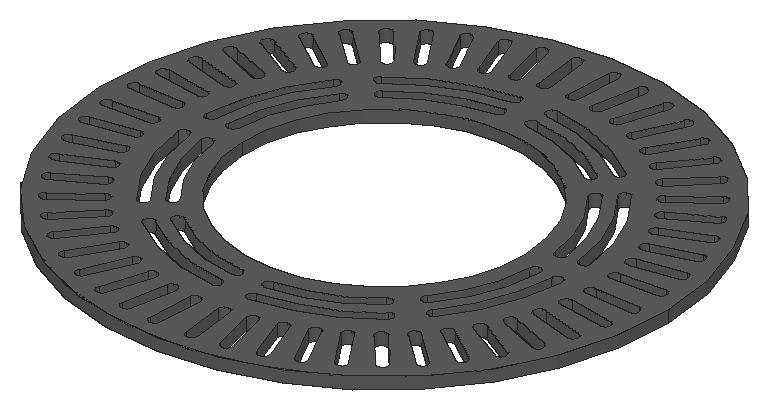
Revit family "Приствольная решётка (круглая) Р-15", category Антураж, Revit 2017
Family settings
  На основе рабочей плоскости = Нет
  Всегда вертикально = Да
  При загрузке вырезать с полостями = Нет
  Источник визуального образа = Геометрия семейства
  Общий = Нет
  Точка расчета площади = Нет
Parameters (values of type "Приствольная решётка (круглая) Р-15 Ø 1200")
  Стоимость = 15948
  Изготовитель = "ООО \"Хоббика\""
  Высота = 0 mm
  URL = "https://hobbyka.ru/product/pristvolnaya_reshetka_kruglaya_r15/?sphrase_id=70618#close_popup_window"
  ADSK_Размер_Диаметр = 1200 mm
  ADSK_Размер_Высота = 25 mm
  ADSK_Наименование = "Приствольная решётка (круглая) Р-15"
  ADSK_Материал решетки = Чугун, серый
  ADSK_Код изделия = "10280"
  1200 = yes
  1000 = no
Types (3, lengths in mm): name | Стоимость | ADSK_Размер_Диаметр | 1200 | 1000
  (no name) | 15948 | 1200 | yes | no
  Приствольная решётка (круглая) Р-15 Ø 1000 | 15833 | 1000 | no | yes
  Приствольная решётка (круглая) Р-15 Ø 1200 | 15948 | 1200 | yes | no
Reference planes
  plane 1 "По центру (Вперед/Назад)": y = 0
  plane 2: z = 0
  plane 3 "По центру (Влево/Вправо)": x = 0
Forms (mm)
  Extrusion 1, solid, material "Чугун, серый" <- "ADSK_Материал решетки", visible <- "1000"
    sketch origin (0, 0, 0) x (1, 0, 0) y (0, 1, 0)
      loop
        circle (0, 0) r 500
      loop
        circle (0, 0) r 250
      loop
        line (22.994, 464.177) -> (15.601, 384.484)
        arc (15.601, 384.484) -> (24.626, 373.613) -> (35.496, 382.638) r 9.99
        line (35.496, 382.638) -> (42.889, 462.331)
        arc (42.889, 462.331) -> (33.864, 473.201) -> (22.994, 464.177) r 9.99
      loop
        line (78.192, 458.121) -> (61.347, 379.879)
        arc (61.347, 379.879) -> (69.011, 368.009) -> (80.88, 375.673) r 9.99
        line (80.88, 375.673) -> (97.725, 453.915)
        arc (97.725, 453.915) -> (90.061, 465.785) -> (78.192, 458.121) r 9.99
      loop
        line (132.274, 445.525) -> (106.217, 369.85)
        arc (106.217, 369.85) -> (112.411, 357.151) -> (125.11, 363.345) r 9.99
        line (125.11, 363.345) -> (151.166, 439.019)
        arc (151.166, 439.019) -> (144.973, 451.718) -> (132.274, 445.525) r 9.99
      loop
        line (184.468, 426.568) -> (149.571, 354.541)
        arc (149.571, 354.541) -> (154.206, 341.195) -> (167.553, 345.829) r 9.99
        line (167.553, 345.829) -> (202.449, 417.856)
        arc (202.449, 417.856) -> (197.815, 431.203) -> (184.468, 426.568) r 9.99
      loop
        line (234.028, 401.521) -> (190.79, 334.171)
        arc (190.79, 334.171) -> (193.8, 320.367) -> (207.604, 323.377) r 9.99
        line (207.604, 323.377) -> (250.842, 390.727)
        arc (250.842, 390.727) -> (247.832, 404.531) -> (234.028, 401.521) r 9.99
      loop
        line (280.247, 370.743) -> (229.285, 309.03)
        arc (229.285, 309.03) -> (230.627, 294.965) -> (244.692, 296.307) r 9.99
        line (244.692, 296.307) -> (295.654, 358.02)
        arc (295.654, 358.02) -> (294.312, 372.085) -> (280.247, 370.743) r 9.99
      loop
        line (322.465, 334.671) -> (264.153, 279.141)
        arc (264.153, 279.141) -> (264.323, 265.178) -> (278.286, 265.008) r 9.996
        line (278.286, 265.008) -> (336.598, 320.538)
        arc (336.598, 320.538) -> (336.428, 334.5) -> (322.465, 334.671) r 9.996
      loop
        line (360.08, 293.821) -> (295.952, 245.935)
        arc (295.952, 245.935) -> (293.924, 231.952) -> (307.907, 229.925) r 9.99
        line (307.907, 229.925) -> (372.035, 277.812)
        arc (372.035, 277.812) -> (374.062, 291.794) -> (360.08, 293.821) r 9.99
      loop
        line (392.554, 248.777) -> (323.172, 208.881)
        arc (323.172, 208.881) -> (319.491, 195.24) -> (333.132, 191.559) r 9.99
        line (333.132, 191.559) -> (402.514, 231.456)
        arc (402.514, 231.456) -> (406.195, 245.097) -> (392.554, 248.777) r 9.99
      loop
        line (419.423, 200.181) -> (345.778, 168.845)
        arc (345.778, 168.845) -> (340.497, 155.74) -> (353.601, 150.459) r 9.99
        line (353.601, 150.459) -> (427.247, 181.796)
        arc (427.247, 181.796) -> (432.528, 194.9) -> (419.423, 200.181) r 9.99
      loop
        line (440.305, 148.728) -> (363.448, 126.399)
        arc (363.448, 126.399) -> (356.642, 114.018) -> (369.023, 107.211) r 9.99
        line (369.023, 107.211) -> (445.88, 129.54)
        arc (445.88, 129.54) -> (452.686, 141.921) -> (440.305, 148.728) r 9.99
      loop
        line (454.901, 95.151) -> (375.929, 82.148)
        arc (375.929, 82.148) -> (367.695, 70.667) -> (379.176, 62.432) r 9.99
        line (379.176, 62.432) -> (458.147, 75.435)
        arc (458.147, 75.435) -> (466.382, 86.916) -> (454.901, 95.151) r 9.99
      loop
        line (463.002, 40.215) -> (384.437, 36.785)
        arc (384.437, 36.785) -> (374.437, 26.785) -> (384.437, 16.785) r 10
        line (384.437, 16.785) -> (463.002, 20.215)
        arc (463.002, 20.215) -> (473.002, 30.215) -> (463.002, 40.215) r 10
      loop
        arc (33.256, 338.147) -> (22.325, 329.174) -> (31.298, 318.243) r 10
        arc (31.298, 318.243) -> (122.804, 295.258) -> (203.619, 246.571) r 319.778
        arc (203.619, 246.571) -> (217.698, 247.915) -> (216.354, 261.993) r 10
        arc (216.354, 261.993) -> (130.484, 313.725) -> (33.256, 338.147) r 339.778
      loop
        arc (262.621, 215.591) -> (248.547, 216.975) -> (247.163, 202.901) r 10
        arc (247.163, 202.901) -> (295.701, 121.735) -> (318.376, 29.921) r 319.778
        arc (318.376, 29.921) -> (329.267, 20.901) -> (338.288, 31.793) r 10
        arc (338.288, 31.793) -> (314.195, 129.348) -> (262.621, 215.591) r 339.778
      loop
        arc (298.339, 29.347) -> (276.962, 114.713) -> (231.719, 190.194) r 299.778
        arc (231.719, 190.194) -> (217.644, 191.579) -> (216.259, 177.505) r 10
        arc (216.259, 177.505) -> (258.484, 107.06) -> (278.435, 27.389) r 279.778
        arc (278.435, 27.389) -> (289.366, 18.416) -> (298.339, 29.347) r 10
      loop
        arc (190.2, 231.713) -> (114.723, 276.958) -> (29.36, 298.337) r 299.778
        arc (29.36, 298.337) -> (18.429, 289.365) -> (27.401, 278.433) r 10
        arc (27.401, 278.433) -> (107.069, 258.48) -> (177.511, 216.254) r 279.778
        arc (177.511, 216.254) -> (191.585, 217.639) -> (190.2, 231.713) r 10
      loop
        arc (-22.994, 464.177) -> (-33.864, 473.201) -> (-42.889, 462.331) r 9.99
        line (-42.889, 462.331) -> (-35.496, 382.638)
        arc (-35.496, 382.638) -> (-24.626, 373.613) -> (-15.601, 384.484) r 9.99
        line (-15.601, 384.484) -> (-22.994, 464.177)
      loop
        arc (-78.192, 458.121) -> (-90.061, 465.785) -> (-97.725, 453.915) r 9.99
        line (-97.725, 453.915) -> (-80.88, 375.673)
        arc (-80.88, 375.673) -> (-69.011, 368.009) -> (-61.347, 379.879) r 9.99
        line (-61.347, 379.879) -> (-78.192, 458.121)
      loop
        arc (-132.274, 445.525) -> (-144.973, 451.718) -> (-151.166, 439.019) r 9.99
        line (-151.166, 439.019) -> (-125.11, 363.345)
        arc (-125.11, 363.345) -> (-112.411, 357.151) -> (-106.217, 369.85) r 9.99
        line (-106.217, 369.85) -> (-132.274, 445.525)
      loop
        arc (-184.468, 426.568) -> (-197.815, 431.203) -> (-202.449, 417.856) r 9.99
        line (-202.449, 417.856) -> (-167.553, 345.829)
        arc (-167.553, 345.829) -> (-154.206, 341.195) -> (-149.571, 354.541) r 9.99
        line (-149.571, 354.541) -> (-184.468, 426.568)
      loop
        arc (-234.028, 401.521) -> (-247.832, 404.531) -> (-250.842, 390.727) r 9.99
        line (-250.842, 390.727) -> (-207.604, 323.377)
        arc (-207.604, 323.377) -> (-193.8, 320.367) -> (-190.79, 334.171) r 9.99
        line (-190.79, 334.171) -> (-234.028, 401.521)
      loop
        arc (-280.247, 370.743) -> (-294.312, 372.085) -> (-295.654, 358.02) r 9.99
        line (-295.654, 358.02) -> (-244.692, 296.307)
        arc (-244.692, 296.307) -> (-230.627, 294.965) -> (-229.285, 309.03) r 9.99
        line (-229.285, 309.03) -> (-280.247, 370.743)
      loop
        arc (-322.465, 334.671) -> (-336.428, 334.5) -> (-336.598, 320.538) r 9.996
        line (-336.598, 320.538) -> (-278.286, 265.008)
        arc (-278.286, 265.008) -> (-264.323, 265.178) -> (-264.153, 279.141) r 9.996
        line (-264.153, 279.141) -> (-322.465, 334.671)
      loop
        arc (-360.08, 293.821) -> (-374.062, 291.794) -> (-372.035, 277.812) r 9.99
        line (-372.035, 277.812) -> (-307.907, 229.925)
        arc (-307.907, 229.925) -> (-293.924, 231.952) -> (-295.952, 245.935) r 9.99
        line (-295.952, 245.935) -> (-360.08, 293.821)
      loop
        arc (-392.554, 248.777) -> (-406.195, 245.097) -> (-402.514, 231.456) r 9.99
        line (-402.514, 231.456) -> (-333.132, 191.559)
        arc (-333.132, 191.559) -> (-319.491, 195.24) -> (-323.172, 208.881) r 9.99
        line (-323.172, 208.881) -> (-392.554, 248.777)
      loop
        arc (-419.423, 200.181) -> (-432.528, 194.9) -> (-427.247, 181.796) r 9.99
        line (-427.247, 181.796) -> (-353.601, 150.459)
        arc (-353.601, 150.459) -> (-340.497, 155.74) -> (-345.778, 168.845) r 9.99
        line (-345.778, 168.845) -> (-419.423, 200.181)
      loop
        arc (-440.305, 148.728) -> (-452.686, 141.921) -> (-445.88, 129.54) r 9.99
        line (-445.88, 129.54) -> (-369.023, 107.211)
        arc (-369.023, 107.211) -> (-356.642, 114.018) -> (-363.448, 126.399) r 9.99
        line (-363.448, 126.399) -> (-440.305, 148.728)
      loop
        arc (-454.901, 95.151) -> (-466.382, 86.916) -> (-458.147, 75.435) r 9.99
        line (-458.147, 75.435) -> (-379.176, 62.432)
        arc (-379.176, 62.432) -> (-367.695, 70.667) -> (-375.929, 82.148) r 9.99
        line (-375.929, 82.148) -> (-454.901, 95.151)
      loop
        arc (-463.002, 40.215) -> (-473.002, 30.215) -> (-463.002, 20.215) r 10
        line (-463.002, 20.215) -> (-384.437, 16.785)
        arc (-384.437, 16.785) -> (-374.437, 26.785) -> (-384.437, 36.785) r 10
        line (-384.437, 36.785) -> (-463.002, 40.215)
      loop
        arc (-33.256, 338.147) -> (-130.484, 313.725) -> (-216.354, 261.993) r 339.778
        arc (-216.354, 261.993) -> (-217.698, 247.915) -> (-203.619, 246.571) r 10
        arc (-203.619, 246.571) -> (-122.804, 295.258) -> (-31.298, 318.243) r 319.778
        arc (-31.298, 318.243) -> (-22.325, 329.174) -> (-33.256, 338.147) r 10
      loop
        arc (-262.621, 215.591) -> (-314.195, 129.348) -> (-338.288, 31.793) r 339.778
        arc (-338.288, 31.793) -> (-329.267, 20.901) -> (-318.376, 29.921) r 10
        arc (-318.376, 29.921) -> (-295.701, 121.735) -> (-247.163, 202.901) r 319.778
        arc (-247.163, 202.901) -> (-248.547, 216.975) -> (-262.621, 215.591) r 10
      loop
        arc (-298.339, 29.347) -> (-289.366, 18.416) -> (-278.435, 27.389) r 10
        arc (-278.435, 27.389) -> (-258.484, 107.06) -> (-216.259, 177.505) r 279.778
        arc (-216.259, 177.505) -> (-217.644, 191.579) -> (-231.719, 190.194) r 10
        arc (-231.719, 190.194) -> (-276.962, 114.713) -> (-298.339, 29.347) r 299.778
      loop
        arc (-190.2, 231.713) -> (-191.585, 217.639) -> (-177.511, 216.254) r 10
        arc (-177.511, 216.254) -> (-107.069, 258.48) -> (-27.401, 278.433) r 279.778
        arc (-27.401, 278.433) -> (-18.429, 289.365) -> (-29.36, 298.337) r 10
        arc (-29.36, 298.337) -> (-114.723, 276.958) -> (-190.2, 231.713) r 299.778
      loop
        arc (22.994, -464.177) -> (33.864, -473.201) -> (42.889, -462.331) r 9.99
        line (42.889, -462.331) -> (35.496, -382.638)
        arc (35.496, -382.638) -> (24.626, -373.613) -> (15.601, -384.484) r 9.99
        line (15.601, -384.484) -> (22.994, -464.177)
      loop
        arc (78.192, -458.121) -> (90.061, -465.785) -> (97.725, -453.915) r 9.99
        line (97.725, -453.915) -> (80.88, -375.673)
        arc (80.88, -375.673) -> (69.011, -368.009) -> (61.347, -379.879) r 9.99
        line (61.347, -379.879) -> (78.192, -458.121)
      loop
        arc (132.274, -445.525) -> (144.973, -451.718) -> (151.166, -439.019) r 9.99
        line (151.166, -439.019) -> (125.11, -363.345)
        arc (125.11, -363.345) -> (112.411, -357.151) -> (106.217, -369.85) r 9.99
        line (106.217, -369.85) -> (132.274, -445.525)
      loop
        arc (184.468, -426.568) -> (197.815, -431.203) -> (202.449, -417.856) r 9.99
        line (202.449, -417.856) -> (167.553, -345.829)
        arc (167.553, -345.829) -> (154.206, -341.195) -> (149.571, -354.541) r 9.99
        line (149.571, -354.541) -> (184.468, -426.568)
      loop
        arc (234.028, -401.521) -> (247.832, -404.531) -> (250.842, -390.727) r 9.99
        line (250.842, -390.727) -> (207.604, -323.377)
        arc (207.604, -323.377) -> (193.8, -320.367) -> (190.79, -334.171) r 9.99
        line (190.79, -334.171) -> (234.028, -401.521)
      loop
        arc (280.247, -370.743) -> (294.312, -372.085) -> (295.654, -358.02) r 9.99
        line (295.654, -358.02) -> (244.692, -296.307)
        arc (244.692, -296.307) -> (230.627, -294.965) -> (229.285, -309.03) r 9.99
        line (229.285, -309.03) -> (280.247, -370.743)
      loop
        arc (322.465, -334.671) -> (336.428, -334.5) -> (336.598, -320.538) r 9.996
        line (336.598, -320.538) -> (278.286, -265.008)
        arc (278.286, -265.008) -> (264.323, -265.178) -> (264.153, -279.141) r 9.996
        line (264.153, -279.141) -> (322.465, -334.671)
      loop
        arc (360.08, -293.821) -> (374.062, -291.794) -> (372.035, -277.812) r 9.99
        line (372.035, -277.812) -> (307.907, -229.925)
        arc (307.907, -229.925) -> (293.924, -231.952) -> (295.952, -245.935) r 9.99
        line (295.952, -245.935) -> (360.08, -293.821)
      loop
        arc (392.554, -248.777) -> (406.195, -245.097) -> (402.514, -231.456) r 9.99
        line (402.514, -231.456) -> (333.132, -191.559)
        arc (333.132, -191.559) -> (319.491, -195.24) -> (323.172, -208.881) r 9.99
        line (323.172, -208.881) -> (392.554, -248.777)
      loop
        arc (419.423, -200.181) -> (432.528, -194.9) -> (427.247, -181.796) r 9.99
        line (427.247, -181.796) -> (353.601, -150.459)
        arc (353.601, -150.459) -> (340.497, -155.74) -> (345.778, -168.845) r 9.99
        line (345.778, -168.845) -> (419.423, -200.181)
      loop
        arc (440.305, -148.728) -> (452.686, -141.921) -> (445.88, -129.54) r 9.99
        line (445.88, -129.54) -> (369.023, -107.211)
        arc (369.023, -107.211) -> (356.642, -114.018) -> (363.448, -126.399) r 9.99
        line (363.448, -126.399) -> (440.305, -148.728)
      loop
        arc (454.901, -95.151) -> (466.382, -86.916) -> (458.147, -75.435) r 9.99
        line (458.147, -75.435) -> (379.176, -62.432)
        arc (379.176, -62.432) -> (367.695, -70.667) -> (375.929, -82.148) r 9.99
        line (375.929, -82.148) -> (454.901, -95.151)
      loop
        arc (463.002, -40.215) -> (473.002, -30.215) -> (463.002, -20.215) r 10
        line (463.002, -20.215) -> (384.437, -16.785)
        arc (384.437, -16.785) -> (374.437, -26.785) -> (384.437, -36.785) r 10
        line (384.437, -36.785) -> (463.002, -40.215)
      loop
        arc (33.256, -338.147) -> (130.484, -313.725) -> (216.354, -261.993) r 339.778
        arc (216.354, -261.993) -> (217.698, -247.915) -> (203.619, -246.571) r 10
        arc (203.619, -246.571) -> (122.804, -295.258) -> (31.298, -318.243) r 319.778
        arc (31.298, -318.243) -> (22.325, -329.174) -> (33.256, -338.147) r 10
      loop
        arc (262.621, -215.591) -> (314.195, -129.348) -> (338.288, -31.793) r 339.778
        arc (338.288, -31.793) -> (329.267, -20.901) -> (318.376, -29.921) r 10
        arc (318.376, -29.921) -> (295.701, -121.735) -> (247.163, -202.901) r 319.778
        arc (247.163, -202.901) -> (248.547, -216.975) -> (262.621, -215.591) r 10
      loop
        arc (298.339, -29.347) -> (289.366, -18.416) -> (278.435, -27.389) r 10
        arc (278.435, -27.389) -> (258.484, -107.06) -> (216.259, -177.505) r 279.778
        arc (216.259, -177.505) -> (217.644, -191.579) -> (231.719, -190.194) r 10
        arc (231.719, -190.194) -> (276.962, -114.713) -> (298.339, -29.347) r 299.778
      loop
        arc (190.2, -231.713) -> (191.585, -217.639) -> (177.511, -216.254) r 10
        arc (177.511, -216.254) -> (107.069, -258.48) -> (27.401, -278.433) r 279.778
        arc (27.401, -278.433) -> (18.429, -289.365) -> (29.36, -298.337) r 10
        arc (29.36, -298.337) -> (114.723, -276.958) -> (190.2, -231.713) r 299.778
      loop
        line (-22.994, -464.177) -> (-15.601, -384.484)
        arc (-15.601, -384.484) -> (-24.626, -373.613) -> (-35.496, -382.638) r 9.99
        line (-35.496, -382.638) -> (-42.889, -462.331)
        arc (-42.889, -462.331) -> (-33.864, -473.201) -> (-22.994, -464.177) r 9.99
      loop
        line (-78.192, -458.121) -> (-61.347, -379.879)
        arc (-61.347, -379.879) -> (-69.011, -368.009) -> (-80.88, -375.673) r 9.99
        line (-80.88, -375.673) -> (-97.725, -453.915)
        arc (-97.725, -453.915) -> (-90.061, -465.785) -> (-78.192, -458.121) r 9.99
      loop
        line (-132.274, -445.525) -> (-106.217, -369.85)
        arc (-106.217, -369.85) -> (-112.411, -357.151) -> (-125.11, -363.345) r 9.99
        line (-125.11, -363.345) -> (-151.166, -439.019)
        arc (-151.166, -439.019) -> (-144.973, -451.718) -> (-132.274, -445.525) r 9.99
      loop
        line (-184.468, -426.568) -> (-149.571, -354.541)
        arc (-149.571, -354.541) -> (-154.206, -341.195) -> (-167.553, -345.829) r 9.99
        line (-167.553, -345.829) -> (-202.449, -417.856)
        arc (-202.449, -417.856) -> (-197.815, -431.203) -> (-184.468, -426.568) r 9.99
      loop
        line (-234.028, -401.521) -> (-190.79, -334.171)
        arc (-190.79, -334.171) -> (-193.8, -320.367) -> (-207.604, -323.377) r 9.99
        line (-207.604, -323.377) -> (-250.842, -390.727)
        arc (-250.842, -390.727) -> (-247.832, -404.531) -> (-234.028, -401.521) r 9.99
      loop
        line (-280.247, -370.743) -> (-229.285, -309.03)
        arc (-229.285, -309.03) -> (-230.627, -294.965) -> (-244.692, -296.307) r 9.99
        line (-244.692, -296.307) -> (-295.654, -358.02)
        arc (-295.654, -358.02) -> (-294.312, -372.085) -> (-280.247, -370.743) r 9.99
      loop
        line (-322.465, -334.671) -> (-264.153, -279.141)
        arc (-264.153, -279.141) -> (-264.323, -265.178) -> (-278.286, -265.008) r 9.996
        line (-278.286, -265.008) -> (-336.598, -320.538)
        arc (-336.598, -320.538) -> (-336.428, -334.5) -> (-322.465, -334.671) r 9.996
      loop
        line (-360.08, -293.821) -> (-295.952, -245.935)
        arc (-295.952, -245.935) -> (-293.924, -231.952) -> (-307.907, -229.925) r 9.99
        line (-307.907, -229.925) -> (-372.035, -277.812)
        arc (-372.035, -277.812) -> (-374.062, -291.794) -> (-360.08, -293.821) r 9.99
      loop
        line (-392.554, -248.777) -> (-323.172, -208.881)
        arc (-323.172, -208.881) -> (-319.491, -195.24) -> (-333.132, -191.559) r 9.99
        line (-333.132, -191.559) -> (-402.514, -231.456)
        arc (-402.514, -231.456) -> (-406.195, -245.097) -> (-392.554, -248.777) r 9.99
      loop
        line (-419.423, -200.181) -> (-345.778, -168.845)
        arc (-345.778, -168.845) -> (-340.497, -155.74) -> (-353.601, -150.459) r 9.99
        line (-353.601, -150.459) -> (-427.247, -181.796)
        arc (-427.247, -181.796) -> (-432.528, -194.9) -> (-419.423, -200.181) r 9.99
      loop
        line (-440.305, -148.728) -> (-363.448, -126.399)
        arc (-363.448, -126.399) -> (-356.642, -114.018) -> (-369.023, -107.211) r 9.99
        line (-369.023, -107.211) -> (-445.88, -129.54)
        arc (-445.88, -129.54) -> (-452.686, -141.921) -> (-440.305, -148.728) r 9.99
      loop
        line (-454.901, -95.151) -> (-375.929, -82.148)
        arc (-375.929, -82.148) -> (-367.695, -70.667) -> (-379.176, -62.432) r 9.99
        line (-379.176, -62.432) -> (-458.147, -75.435)
        arc (-458.147, -75.435) -> (-466.382, -86.916) -> (-454.901, -95.151) r 9.99
      loop
        line (-463.002, -40.215) -> (-384.437, -36.785)
        arc (-384.437, -36.785) -> (-374.437, -26.785) -> (-384.437, -16.785) r 10
        line (-384.437, -16.785) -> (-463.002, -20.215)
        arc (-463.002, -20.215) -> (-473.002, -30.215) -> (-463.002, -40.215) r 10
      loop
        arc (-33.256, -338.147) -> (-22.325, -329.174) -> (-31.298, -318.243) r 10
        arc (-31.298, -318.243) -> (-122.804, -295.258) -> (-203.619, -246.571) r 319.778
        arc (-203.619, -246.571) -> (-217.698, -247.915) -> (-216.354, -261.993) r 10
        arc (-216.354, -261.993) -> (-130.484, -313.725) -> (-33.256, -338.147) r 339.778
      loop
        arc (-262.621, -215.591) -> (-248.547, -216.975) -> (-247.163, -202.901) r 10
        arc (-247.163, -202.901) -> (-295.701, -121.735) -> (-318.376, -29.921) r 319.778
        arc (-318.376, -29.921) -> (-329.267, -20.901) -> (-338.288, -31.793) r 10
        arc (-338.288, -31.793) -> (-314.195, -129.348) -> (-262.621, -215.591) r 339.778
      loop
        arc (-298.339, -29.347) -> (-276.962, -114.713) -> (-231.719, -190.194) r 299.778
        arc (-231.719, -190.194) -> (-217.644, -191.579) -> (-216.259, -177.505) r 10
        arc (-216.259, -177.505) -> (-258.484, -107.06) -> (-278.435, -27.389) r 279.778
        arc (-278.435, -27.389) -> (-289.366, -18.416) -> (-298.339, -29.347) r 10
      loop
        arc (-190.2, -231.713) -> (-114.723, -276.958) -> (-29.36, -298.337) r 299.778
        arc (-29.36, -298.337) -> (-18.429, -289.365) -> (-27.401, -278.433) r 10
        arc (-27.401, -278.433) -> (-107.069, -258.48) -> (-177.511, -216.254) r 279.778
        arc (-177.511, -216.254) -> (-191.585, -217.639) -> (-190.2, -231.713) r 10
    from 0 to 25
  Extrusion 2, solid, material "Чугун, серый" <- "ADSK_Материал решетки", visible <- "1200"
    sketch origin (0, 0, 0) x (1, 0, 0) y (0, 1, 0)
      loop
        circle (0, 0) r 600
      loop
        circle (0, 0) r 300
      loop
        line (27.592, 557.012) -> (18.721, 461.381)
        arc (18.721, 461.381) -> (29.551, 448.336) -> (42.596, 459.166) r 11.989
        line (42.596, 459.166) -> (51.467, 554.797)
        arc (51.467, 554.797) -> (40.637, 567.842) -> (27.592, 557.012) r 11.989
      loop
        line (93.83, 549.745) -> (73.616, 455.854)
        arc (73.616, 455.854) -> (82.813, 441.611) -> (97.056, 450.808) r 11.989
        line (97.056, 450.808) -> (117.27, 544.698)
        arc (117.27, 544.698) -> (108.074, 558.942) -> (93.83, 549.745) r 11.989
      loop
        line (158.729, 534.629) -> (127.461, 443.82)
        arc (127.461, 443.82) -> (134.893, 428.582) -> (150.132, 436.014) r 11.989
        line (150.132, 436.014) -> (181.4, 526.823)
        arc (181.4, 526.823) -> (173.967, 542.062) -> (158.729, 534.629) r 11.989
      loop
        line (221.361, 511.881) -> (179.486, 425.45)
        arc (179.486, 425.45) -> (185.047, 409.434) -> (201.064, 414.995) r 11.989
        line (201.064, 414.995) -> (242.939, 501.427)
        arc (242.939, 501.427) -> (237.378, 517.443) -> (221.361, 511.881) r 11.989
      loop
        line (280.834, 481.826) -> (228.948, 401.005)
        arc (228.948, 401.005) -> (232.56, 384.44) -> (249.125, 388.052) r 11.989
        line (249.125, 388.052) -> (301.011, 468.872)
        arc (301.011, 468.872) -> (297.399, 485.437) -> (280.834, 481.826) r 11.989
      loop
        line (336.297, 444.891) -> (275.142, 370.836)
        arc (275.142, 370.836) -> (276.752, 353.959) -> (293.63, 355.569) r 11.989
        line (293.63, 355.569) -> (354.785, 429.624)
        arc (354.785, 429.624) -> (353.174, 446.501) -> (336.297, 444.891) r 11.989
      loop
        line (386.958, 401.605) -> (316.983, 334.969)
        arc (316.983, 334.969) -> (317.188, 318.214) -> (333.943, 318.009) r 11.996
        line (333.943, 318.009) -> (403.918, 384.646)
        arc (403.918, 384.646) -> (403.713, 401.4) -> (386.958, 401.605) r 11.996
      loop
        line (432.096, 352.586) -> (355.142, 295.122)
        arc (355.142, 295.122) -> (352.709, 278.343) -> (369.488, 275.91) r 11.989
        line (369.488, 275.91) -> (446.442, 333.374)
        arc (446.442, 333.374) -> (448.875, 350.153) -> (432.096, 352.586) r 11.989
      loop
        line (471.064, 298.533) -> (387.806, 250.657)
        arc (387.806, 250.657) -> (383.389, 234.288) -> (399.758, 229.871) r 11.989
        line (399.758, 229.871) -> (483.017, 277.747)
        arc (483.017, 277.747) -> (487.433, 294.116) -> (471.064, 298.533) r 11.989
      loop
        line (503.308, 240.218) -> (414.934, 202.614)
        arc (414.934, 202.614) -> (408.596, 186.889) -> (424.322, 180.551) r 11.989
        line (424.322, 180.551) -> (512.696, 218.155)
        arc (512.696, 218.155) -> (519.033, 233.88) -> (503.308, 240.218) r 11.989
      loop
        line (528.366, 178.473) -> (436.138, 151.678)
        arc (436.138, 151.678) -> (427.97, 136.821) -> (442.827, 128.653) r 11.989
        line (442.827, 128.653) -> (535.056, 155.448)
        arc (535.056, 155.448) -> (543.223, 170.305) -> (528.366, 178.473) r 11.989
      loop
        line (545.881, 114.181) -> (451.115, 98.577)
        arc (451.115, 98.577) -> (441.234, 84.8) -> (455.011, 74.919) r 11.989
        line (455.011, 74.919) -> (549.777, 90.522)
        arc (549.777, 90.522) -> (559.658, 104.299) -> (545.881, 114.181) r 11.989
      loop
        line (555.603, 48.258) -> (461.325, 44.142)
        arc (461.325, 44.142) -> (449.325, 32.142) -> (461.325, 20.142) r 12
        line (461.325, 20.142) -> (555.603, 24.258)
        arc (555.603, 24.258) -> (567.603, 36.258) -> (555.603, 48.258) r 12
      loop
        arc (39.907, 405.777) -> (26.79, 395.009) -> (37.558, 381.892) r 12
        arc (37.558, 381.892) -> (147.365, 354.31) -> (244.343, 295.886) r 383.734
        arc (244.343, 295.886) -> (261.237, 297.497) -> (259.625, 314.391) r 12
        arc (259.625, 314.391) -> (156.581, 376.47) -> (39.907, 405.777) r 407.734
      loop
        arc (315.146, 258.709) -> (298.257, 260.37) -> (296.596, 243.481) r 12
        arc (296.596, 243.481) -> (354.841, 146.082) -> (382.051, 35.906) r 383.734
        arc (382.051, 35.906) -> (395.121, 25.081) -> (405.945, 38.151) r 12
        arc (405.945, 38.151) -> (377.034, 155.218) -> (315.146, 258.709) r 407.734
      loop
        arc (358.006, 35.217) -> (332.355, 137.656) -> (278.062, 228.232) r 359.734
        arc (278.062, 228.232) -> (261.173, 229.895) -> (259.511, 213.006) r 12
        arc (259.511, 213.006) -> (310.181, 128.472) -> (334.122, 32.867) r 335.734
        arc (334.122, 32.867) -> (347.239, 22.099) -> (358.006, 35.217) r 12
      loop
        arc (228.24, 278.056) -> (137.668, 332.35) -> (35.232, 358.005) r 359.734
        arc (35.232, 358.005) -> (22.115, 347.238) -> (32.882, 334.12) r 12
        arc (32.882, 334.12) -> (128.483, 310.177) -> (213.013, 259.505) r 335.734
        arc (213.013, 259.505) -> (229.902, 261.167) -> (228.24, 278.056) r 12
      loop
        arc (-27.592, 557.012) -> (-40.637, 567.842) -> (-51.467, 554.797) r 11.989
        line (-51.467, 554.797) -> (-42.596, 459.166)
        arc (-42.596, 459.166) -> (-29.551, 448.336) -> (-18.721, 461.381) r 11.989
        line (-18.721, 461.381) -> (-27.592, 557.012)
      loop
        arc (-93.83, 549.745) -> (-108.074, 558.942) -> (-117.27, 544.698) r 11.989
        line (-117.27, 544.698) -> (-97.056, 450.808)
        arc (-97.056, 450.808) -> (-82.813, 441.611) -> (-73.616, 455.854) r 11.989
        line (-73.616, 455.854) -> (-93.83, 549.745)
      loop
        arc (-158.729, 534.629) -> (-173.967, 542.062) -> (-181.4, 526.823) r 11.989
        line (-181.4, 526.823) -> (-150.132, 436.014)
        arc (-150.132, 436.014) -> (-134.893, 428.582) -> (-127.461, 443.82) r 11.989
        line (-127.461, 443.82) -> (-158.729, 534.629)
      loop
        arc (-221.361, 511.881) -> (-237.378, 517.443) -> (-242.939, 501.427) r 11.989
        line (-242.939, 501.427) -> (-201.064, 414.995)
        arc (-201.064, 414.995) -> (-185.047, 409.434) -> (-179.486, 425.45) r 11.989
        line (-179.486, 425.45) -> (-221.361, 511.881)
      loop
        arc (-280.834, 481.826) -> (-297.399, 485.437) -> (-301.011, 468.872) r 11.989
        line (-301.011, 468.872) -> (-249.125, 388.052)
        arc (-249.125, 388.052) -> (-232.56, 384.44) -> (-228.948, 401.005) r 11.989
        line (-228.948, 401.005) -> (-280.834, 481.826)
      loop
        arc (-336.297, 444.891) -> (-353.174, 446.501) -> (-354.785, 429.624) r 11.989
        line (-354.785, 429.624) -> (-293.63, 355.569)
        arc (-293.63, 355.569) -> (-276.752, 353.959) -> (-275.142, 370.836) r 11.989
        line (-275.142, 370.836) -> (-336.297, 444.891)
      loop
        arc (-386.958, 401.605) -> (-403.713, 401.4) -> (-403.918, 384.646) r 11.996
        line (-403.918, 384.646) -> (-333.943, 318.009)
        arc (-333.943, 318.009) -> (-317.188, 318.214) -> (-316.983, 334.969) r 11.996
        line (-316.983, 334.969) -> (-386.958, 401.605)
      loop
        arc (-432.096, 352.586) -> (-448.875, 350.153) -> (-446.442, 333.374) r 11.989
        line (-446.442, 333.374) -> (-369.488, 275.91)
        arc (-369.488, 275.91) -> (-352.709, 278.343) -> (-355.142, 295.122) r 11.989
        line (-355.142, 295.122) -> (-432.096, 352.586)
      loop
        arc (-471.064, 298.533) -> (-487.433, 294.116) -> (-483.017, 277.747) r 11.989
        line (-483.017, 277.747) -> (-399.758, 229.871)
        arc (-399.758, 229.871) -> (-383.389, 234.288) -> (-387.806, 250.657) r 11.989
        line (-387.806, 250.657) -> (-471.064, 298.533)
      loop
        arc (-503.308, 240.218) -> (-519.033, 233.88) -> (-512.696, 218.155) r 11.989
        line (-512.696, 218.155) -> (-424.322, 180.551)
        arc (-424.322, 180.551) -> (-408.596, 186.889) -> (-414.934, 202.614) r 11.989
        line (-414.934, 202.614) -> (-503.308, 240.218)
      loop
        arc (-528.366, 178.473) -> (-543.223, 170.305) -> (-535.056, 155.448) r 11.989
        line (-535.056, 155.448) -> (-442.827, 128.653)
        arc (-442.827, 128.653) -> (-427.97, 136.821) -> (-436.138, 151.678) r 11.989
        line (-436.138, 151.678) -> (-528.366, 178.473)
      loop
        arc (-545.881, 114.181) -> (-559.658, 104.299) -> (-549.777, 90.522) r 11.989
        line (-549.777, 90.522) -> (-455.011, 74.919)
        arc (-455.011, 74.919) -> (-441.234, 84.8) -> (-451.115, 98.577) r 11.989
        line (-451.115, 98.577) -> (-545.881, 114.181)
      loop
        arc (-555.603, 48.258) -> (-567.603, 36.258) -> (-555.603, 24.258) r 12
        line (-555.603, 24.258) -> (-461.325, 20.142)
        arc (-461.325, 20.142) -> (-449.325, 32.142) -> (-461.325, 44.142) r 12
        line (-461.325, 44.142) -> (-555.603, 48.258)
      loop
        arc (-39.907, 405.777) -> (-156.581, 376.47) -> (-259.625, 314.391) r 407.734
        arc (-259.625, 314.391) -> (-261.237, 297.497) -> (-244.343, 295.886) r 12
        arc (-244.343, 295.886) -> (-147.365, 354.31) -> (-37.558, 381.892) r 383.734
        arc (-37.558, 381.892) -> (-26.79, 395.009) -> (-39.907, 405.777) r 12
      loop
        arc (-315.146, 258.709) -> (-377.034, 155.218) -> (-405.945, 38.151) r 407.734
        arc (-405.945, 38.151) -> (-395.121, 25.081) -> (-382.051, 35.906) r 12
        arc (-382.051, 35.906) -> (-354.841, 146.082) -> (-296.596, 243.481) r 383.734
        arc (-296.596, 243.481) -> (-298.257, 260.37) -> (-315.146, 258.709) r 12
      loop
        arc (-358.006, 35.217) -> (-347.239, 22.099) -> (-334.122, 32.867) r 12
        arc (-334.122, 32.867) -> (-310.181, 128.472) -> (-259.511, 213.006) r 335.734
        arc (-259.511, 213.006) -> (-261.173, 229.895) -> (-278.062, 228.232) r 12
        arc (-278.062, 228.232) -> (-332.355, 137.656) -> (-358.006, 35.217) r 359.734
      loop
        arc (-228.24, 278.056) -> (-229.902, 261.167) -> (-213.013, 259.505) r 12
        arc (-213.013, 259.505) -> (-128.483, 310.177) -> (-32.882, 334.12) r 335.734
        arc (-32.882, 334.12) -> (-22.115, 347.238) -> (-35.232, 358.005) r 12
        arc (-35.232, 358.005) -> (-137.668, 332.35) -> (-228.24, 278.056) r 359.734
      loop
        arc (27.592, -557.012) -> (40.637, -567.842) -> (51.467, -554.797) r 11.989
        line (51.467, -554.797) -> (42.596, -459.166)
        arc (42.596, -459.166) -> (29.551, -448.336) -> (18.721, -461.381) r 11.989
        line (18.721, -461.381) -> (27.592, -557.012)
      loop
        arc (93.83, -549.745) -> (108.074, -558.942) -> (117.27, -544.698) r 11.989
        line (117.27, -544.698) -> (97.056, -450.808)
        arc (97.056, -450.808) -> (82.813, -441.611) -> (73.616, -455.854) r 11.989
        line (73.616, -455.854) -> (93.83, -549.745)
      loop
        arc (158.729, -534.629) -> (173.967, -542.062) -> (181.4, -526.823) r 11.989
        line (181.4, -526.823) -> (150.132, -436.014)
        arc (150.132, -436.014) -> (134.893, -428.582) -> (127.461, -443.82) r 11.989
        line (127.461, -443.82) -> (158.729, -534.629)
      loop
        arc (221.361, -511.881) -> (237.378, -517.443) -> (242.939, -501.427) r 11.989
        line (242.939, -501.427) -> (201.064, -414.995)
        arc (201.064, -414.995) -> (185.047, -409.434) -> (179.486, -425.45) r 11.989
        line (179.486, -425.45) -> (221.361, -511.881)
      loop
        arc (280.834, -481.826) -> (297.399, -485.437) -> (301.011, -468.872) r 11.989
        line (301.011, -468.872) -> (249.125, -388.052)
        arc (249.125, -388.052) -> (232.56, -384.44) -> (228.948, -401.005) r 11.989
        line (228.948, -401.005) -> (280.834, -481.826)
      loop
        arc (336.297, -444.891) -> (353.174, -446.501) -> (354.785, -429.624) r 11.989
        line (354.785, -429.624) -> (293.63, -355.569)
        arc (293.63, -355.569) -> (276.752, -353.959) -> (275.142, -370.836) r 11.989
        line (275.142, -370.836) -> (336.297, -444.891)
      loop
        arc (386.958, -401.605) -> (403.713, -401.4) -> (403.918, -384.646) r 11.996
        line (403.918, -384.646) -> (333.943, -318.009)
        arc (333.943, -318.009) -> (317.188, -318.214) -> (316.983, -334.969) r 11.996
        line (316.983, -334.969) -> (386.958, -401.605)
      loop
        arc (432.096, -352.586) -> (448.875, -350.153) -> (446.442, -333.374) r 11.989
        line (446.442, -333.374) -> (369.488, -275.91)
        arc (369.488, -275.91) -> (352.709, -278.343) -> (355.142, -295.122) r 11.989
        line (355.142, -295.122) -> (432.096, -352.586)
      loop
        arc (471.064, -298.533) -> (487.433, -294.116) -> (483.017, -277.747) r 11.989
        line (483.017, -277.747) -> (399.758, -229.871)
        arc (399.758, -229.871) -> (383.389, -234.288) -> (387.806, -250.657) r 11.989
        line (387.806, -250.657) -> (471.064, -298.533)
      loop
        arc (503.308, -240.218) -> (519.033, -233.88) -> (512.696, -218.155) r 11.989
        line (512.696, -218.155) -> (424.322, -180.551)
        arc (424.322, -180.551) -> (408.596, -186.889) -> (414.934, -202.614) r 11.989
        line (414.934, -202.614) -> (503.308, -240.218)
      loop
        arc (528.366, -178.473) -> (543.223, -170.305) -> (535.056, -155.448) r 11.989
        line (535.056, -155.448) -> (442.827, -128.653)
        arc (442.827, -128.653) -> (427.97, -136.821) -> (436.138, -151.678) r 11.989
        line (436.138, -151.678) -> (528.366, -178.473)
      loop
        arc (545.881, -114.181) -> (559.658, -104.299) -> (549.777, -90.522) r 11.989
        line (549.777, -90.522) -> (455.011, -74.919)
        arc (455.011, -74.919) -> (441.234, -84.8) -> (451.115, -98.577) r 11.989
        line (451.115, -98.577) -> (545.881, -114.181)
      loop
        arc (555.603, -48.258) -> (567.603, -36.258) -> (555.603, -24.258) r 12
        line (555.603, -24.258) -> (461.325, -20.142)
        arc (461.325, -20.142) -> (449.325, -32.142) -> (461.325, -44.142) r 12
        line (461.325, -44.142) -> (555.603, -48.258)
      loop
        arc (39.907, -405.777) -> (156.581, -376.47) -> (259.625, -314.391) r 407.734
        arc (259.625, -314.391) -> (261.237, -297.497) -> (244.343, -295.886) r 12
        arc (244.343, -295.886) -> (147.365, -354.31) -> (37.558, -381.892) r 383.734
        arc (37.558, -381.892) -> (26.79, -395.009) -> (39.907, -405.777) r 12
      loop
        arc (315.146, -258.709) -> (377.034, -155.218) -> (405.945, -38.151) r 407.734
        arc (405.945, -38.151) -> (395.121, -25.081) -> (382.051, -35.906) r 12
        arc (382.051, -35.906) -> (354.841, -146.082) -> (296.596, -243.481) r 383.734
        arc (296.596, -243.481) -> (298.257, -260.37) -> (315.146, -258.709) r 12
      loop
        arc (358.006, -35.217) -> (347.239, -22.099) -> (334.122, -32.867) r 12
        arc (334.122, -32.867) -> (310.181, -128.472) -> (259.511, -213.006) r 335.734
        arc (259.511, -213.006) -> (261.173, -229.895) -> (278.062, -228.232) r 12
        arc (278.062, -228.232) -> (332.355, -137.656) -> (358.006, -35.217) r 359.734
      loop
        arc (228.24, -278.056) -> (229.902, -261.167) -> (213.013, -259.505) r 12
        arc (213.013, -259.505) -> (128.483, -310.177) -> (32.882, -334.12) r 335.734
        arc (32.882, -334.12) -> (22.115, -347.238) -> (35.232, -358.005) r 12
        arc (35.232, -358.005) -> (137.668, -332.35) -> (228.24, -278.056) r 359.734
      loop
        line (-27.592, -557.012) -> (-18.721, -461.381)
        arc (-18.721, -461.381) -> (-29.551, -448.336) -> (-42.596, -459.166) r 11.989
        line (-42.596, -459.166) -> (-51.467, -554.797)
        arc (-51.467, -554.797) -> (-40.637, -567.842) -> (-27.592, -557.012) r 11.989
      loop
        line (-93.83, -549.745) -> (-73.616, -455.854)
        arc (-73.616, -455.854) -> (-82.813, -441.611) -> (-97.056, -450.808) r 11.989
        line (-97.056, -450.808) -> (-117.27, -544.698)
        arc (-117.27, -544.698) -> (-108.074, -558.942) -> (-93.83, -549.745) r 11.989
      loop
        line (-158.729, -534.629) -> (-127.461, -443.82)
        arc (-127.461, -443.82) -> (-134.893, -428.582) -> (-150.132, -436.014) r 11.989
        line (-150.132, -436.014) -> (-181.4, -526.823)
        arc (-181.4, -526.823) -> (-173.967, -542.062) -> (-158.729, -534.629) r 11.989
      loop
        line (-221.361, -511.881) -> (-179.486, -425.45)
        arc (-179.486, -425.45) -> (-185.047, -409.434) -> (-201.064, -414.995) r 11.989
        line (-201.064, -414.995) -> (-242.939, -501.427)
        arc (-242.939, -501.427) -> (-237.378, -517.443) -> (-221.361, -511.881) r 11.989
      loop
        line (-280.834, -481.826) -> (-228.948, -401.005)
        arc (-228.948, -401.005) -> (-232.56, -384.44) -> (-249.125, -388.052) r 11.989
        line (-249.125, -388.052) -> (-301.011, -468.872)
        arc (-301.011, -468.872) -> (-297.399, -485.437) -> (-280.834, -481.826) r 11.989
      loop
        line (-336.297, -444.891) -> (-275.142, -370.836)
        arc (-275.142, -370.836) -> (-276.752, -353.959) -> (-293.63, -355.569) r 11.989
        line (-293.63, -355.569) -> (-354.785, -429.624)
        arc (-354.785, -429.624) -> (-353.174, -446.501) -> (-336.297, -444.891) r 11.989
      loop
        line (-386.958, -401.605) -> (-316.983, -334.969)
        arc (-316.983, -334.969) -> (-317.188, -318.214) -> (-333.943, -318.009) r 11.996
        line (-333.943, -318.009) -> (-403.918, -384.646)
        arc (-403.918, -384.646) -> (-403.713, -401.4) -> (-386.958, -401.605) r 11.996
      loop
        line (-432.096, -352.586) -> (-355.142, -295.122)
        arc (-355.142, -295.122) -> (-352.709, -278.343) -> (-369.488, -275.91) r 11.989
        line (-369.488, -275.91) -> (-446.442, -333.374)
        arc (-446.442, -333.374) -> (-448.875, -350.153) -> (-432.096, -352.586) r 11.989
      loop
        line (-471.064, -298.533) -> (-387.806, -250.657)
        arc (-387.806, -250.657) -> (-383.389, -234.288) -> (-399.758, -229.871) r 11.989
        line (-399.758, -229.871) -> (-483.017, -277.747)
        arc (-483.017, -277.747) -> (-487.433, -294.116) -> (-471.064, -298.533) r 11.989
      loop
        line (-503.308, -240.218) -> (-414.934, -202.614)
        arc (-414.934, -202.614) -> (-408.596, -186.889) -> (-424.322, -180.551) r 11.989
        line (-424.322, -180.551) -> (-512.696, -218.155)
        arc (-512.696, -218.155) -> (-519.033, -233.88) -> (-503.308, -240.218) r 11.989
      loop
        line (-528.366, -178.473) -> (-436.138, -151.678)
        arc (-436.138, -151.678) -> (-427.97, -136.821) -> (-442.827, -128.653) r 11.989
        line (-442.827, -128.653) -> (-535.056, -155.448)
        arc (-535.056, -155.448) -> (-543.223, -170.305) -> (-528.366, -178.473) r 11.989
      loop
        line (-545.881, -114.181) -> (-451.115, -98.577)
        arc (-451.115, -98.577) -> (-441.234, -84.8) -> (-455.011, -74.919) r 11.989
        line (-455.011, -74.919) -> (-549.777, -90.522)
        arc (-549.777, -90.522) -> (-559.658, -104.299) -> (-545.881, -114.181) r 11.989
      loop
        line (-555.603, -48.258) -> (-461.325, -44.142)
        arc (-461.325, -44.142) -> (-449.325, -32.142) -> (-461.325, -20.142) r 12
        line (-461.325, -20.142) -> (-555.603, -24.258)
        arc (-555.603, -24.258) -> (-567.603, -36.258) -> (-555.603, -48.258) r 12
      loop
        arc (-39.907, -405.777) -> (-26.79, -395.009) -> (-37.558, -381.892) r 12
        arc (-37.558, -381.892) -> (-147.365, -354.31) -> (-244.343, -295.886) r 383.734
        arc (-244.343, -295.886) -> (-261.237, -297.497) -> (-259.625, -314.391) r 12
        arc (-259.625, -314.391) -> (-156.581, -376.47) -> (-39.907, -405.777) r 407.734
      loop
        arc (-315.146, -258.709) -> (-298.257, -260.37) -> (-296.596, -243.481) r 12
        arc (-296.596, -243.481) -> (-354.841, -146.082) -> (-382.051, -35.906) r 383.734
        arc (-382.051, -35.906) -> (-395.121, -25.081) -> (-405.945, -38.151) r 12
        arc (-405.945, -38.151) -> (-377.034, -155.218) -> (-315.146, -258.709) r 407.734
      loop
        arc (-358.006, -35.217) -> (-332.355, -137.656) -> (-278.062, -228.232) r 359.734
        arc (-278.062, -228.232) -> (-261.173, -229.895) -> (-259.511, -213.006) r 12
        arc (-259.511, -213.006) -> (-310.181, -128.472) -> (-334.122, -32.867) r 335.734
        arc (-334.122, -32.867) -> (-347.239, -22.099) -> (-358.006, -35.217) r 12
      loop
        arc (-228.24, -278.056) -> (-137.668, -332.35) -> (-35.232, -358.005) r 359.734
        arc (-35.232, -358.005) -> (-22.115, -347.238) -> (-32.882, -334.12) r 12
        arc (-32.882, -334.12) -> (-128.483, -310.177) -> (-213.013, -259.505) r 335.734
        arc (-213.013, -259.505) -> (-229.902, -261.167) -> (-228.24, -278.056) r 12
    from 0 to 25
Dimensions and locks
  aligned and locked: level to plane 2
